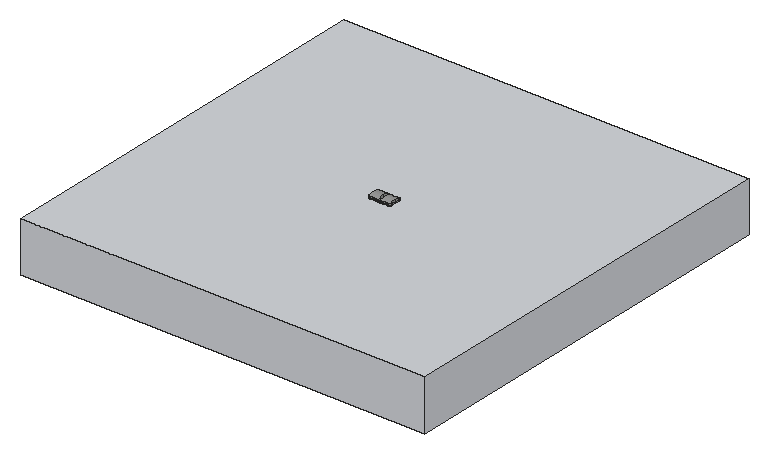
Revit family "L-one 5x2", category Осветительные приборы, Revit 2017
Family settings
  Основа = Грань
  Размер круглого соединителя = Использовать диаметр
  Тип детали = Нормальный
  При загрузке вырезать с полостями = Нет
  Источник света = Да
  Общий = Нет
  Точка расчета площади = Нет
Parameters (values of type "L-One-5x2-10-D-3.0K")
  Комментарии к типоразмеру = "Бытовые"
  Wattage Comments = ""
  Wattage = 4.71247 W
  built-in parameter 1150110 = 1 (stored number, unit not read)
  built-in parameter 1114217 = 1 (stored number, unit not read)
  Tilt Angle = 90.00°
  built-in parameter 1150109 = 1 (stored number, unit not read)
  built-in parameter 1150134 = (empty or 0)
  built-in parameter 1150113 = 1 (stored number, unit not read)
  Файл фотометрической сетки = "L-one 5x2-10-Д-3.0K-02.ies"
  built-in parameter 1150142 = "IESNA:LM-63-1995\r\n[TEST]LEDEL\r\n[DATA]28.10.2017\r\n[MANUFAC]LEDEL\r\n[LUMCAT]L-one 5x2/10/Д/3.0K/02 \r\n[LUMINAIRE]Для освещения офисных и жилых помещений, а также  декоративной подсветки\r\n[LAMPCAT]LED\r\n[LAMP]SEOUL \r\nTILT=NONE\r\n\r\n1 700  2  37 1 1 2 0.138 0.087 0.0225\r\n\r\n1 1 10\r\n\r\n 0 2.5 5 7.5 10 12.5 15 17.5 20 22.5 25 27.5 30 32.5 35 37.5 40 42.5 45 47.5\r\n 50 52.5 55 57.5 60 62.5 65 67.5 70 72.5 75 77.5 80 82.5 85 87.5 90\r\n\r\n  0\r\n  \r\n  183.5206\t183.5206\t182.2097\t179.5880\t175.6554\t173.0337\t169.1011\t162.5468\t155.9925\t148.1273\t141.5730\t132.3970\t123.2210\t112.7341\t103.5581\t93.0712\t83.8951\t74.7191\t66.8539\t60.2996\t53.7453\t48.5019\t44.5693\t39.3258\t35.3933\t31.4607\t27.5281\t26.2172\t23.5955\t22.2846\t20.9738\t18.3521\t17.0412\t14.4195\t13.1086\t11.7978\t11.7978"
  built-in parameter 1150105 = 55.704 (stored number, unit not read)
  Lumens = 700 lm
  built-in parameter 1150115 = 1 (stored number, unit not read)
  built-in parameter 1150137 = (empty or 0)
  built-in parameter 1150139 = (empty or 0)
  built-in parameter 1150112 = 1 (stored number, unit not read)
  built-in parameter 1150114 = 1 (stored number, unit not read)
  built-in parameter 1150132 = 2
  built-in parameter 1150102 = (empty or 0)
  built-in parameter 1150107 = 3000 (stored number, unit not read)
  built-in parameter 1150138 = (empty or 0)
  built-in parameter 1150106 = 0.55704 (stored number, unit not read)
  Emit from Rectangle Width = 138 mm  # constant formula
  Emit from Rectangle Length = 78.5 mm  # constant formula
  Изготовитель = "LEDEL"
  Emit Shape Visible in Rendering = no
  built-in parameter 1150104 = 13.8 (stored number, unit not read)
  Dimming Lamp Color Temperature Shift = (empty or 0)
  Default Elevation = 1219.2 mm
  Color Filter = 16777215
  built-in parameter 1114218 = 1 (stored number, unit not read)
  built-in parameter 1150133 = 10 (stored number, unit not read)
  Apparent Load = 10 VA  # constant formula
  Артикул = "501001"
Types (3, lengths in mm): name | built-in parameter 1150134 | Файл фотометрической сетки | built-in parameter 1150142 | built-in parameter 1150107 | Артикул
  (no name) | (empty or 0) | "L-one 5x2-10-Д-3.0K-02.ies" | "IESNA:LM-63-1995\r\n[TEST]LEDEL\r\n[DATA]28.10.2017\r\n[MANUFAC]LEDEL\r\n[LUMCAT]L-one 5x2/10/Д/3.0K/02 \r\n[LUMINAIRE]Для освещения офисных и жилых помещений, а также  декоративной подсветки\r\n[LAMPCAT]LED\r\n[LAMP]SEOUL \r\nTILT=NONE\r\n\r\n1 700  2  37 1 1 2 0.138 0.087 0.0225\r\n\r\n1 1 10\r\n\r\n 0 2.5 5 7.5 10 12.5 15 17.5 20 22.5 25 27.5 30 32.5 35 37.5 40 42.5 45 47.5\r\n 50 52.5 55 57.5 60 62.5 65 67.5 70 72.5 75 77.5 80 82.5 85 87.5 90\r\n\r\n  0\r\n  \r\n  183.5206\t183.5206\t182.2097\t179.5880\t175.6554\t173.0337\t169.1011\t162.5468\t155.9925\t148.1273\t141.5730\t132.3970\t123.2210\t112.7341\t103.5581\t93.0712\t83.8951\t74.7191\t66.8539\t60.2996\t53.7453\t48.5019\t44.5693\t39.3258\t35.3933\t31.4607\t27.5281\t26.2172\t23.5955\t22.2846\t20.9738\t18.3521\t17.0412\t14.4195\t13.1086\t11.7978\t11.7978" | 3000 (stored number, unit not read) | "501001"
  L-One-5x2-10-D-5.0K | 2 | "L-one 5x2-10-Д-5.0K-02.ies" | "IESNA:LM-63-1995\r\n[TEST]LEDEL\r\n[DATA]28.10.2017\r\n[MANUFAC]LEDEL\r\n[LUMCAT]L-one 5x2/10/Д/5.0K/02 \r\n[LUMINAIRE]Для освещения офисных и жилых помещений, а также  декоративной подсветки\r\n[LAMPCAT]LED\r\n[LAMP]SEOUL \r\nTILT=NONE\r\n\r\n1 700  2  37 1 1 2 0.138 0.087 0.0225\r\n\r\n1 1 10\r\n\r\n 0 2.5 5 7.5 10 12.5 15 17.5 20 22.5 25 27.5 30 32.5 35 37.5 40 42.5 45 47.5\r\n 50 52.5 55 57.5 60 62.5 65 67.5 70 72.5 75 77.5 80 82.5 85 87.5 90\r\n\r\n  0\r\n  \r\n  183.5206\t183.5206\t182.2097\t179.5880\t175.6554\t173.0337\t169.1011\t162.5468\t155.9925\t148.1273\t141.5730\t132.3970\t123.2210\t112.7341\t103.5581\t93.0712\t83.8951\t74.7191\t66.8539\t60.2996\t53.7453\t48.5019\t44.5693\t39.3258\t35.3933\t31.4607\t27.5281\t26.2172\t23.5955\t22.2846\t20.9738\t18.3521\t17.0412\t14.4195\t13.1086\t11.7978\t11.7978" | 5000 (stored number, unit not read) | "501003"
  L-One-5x2-10-D-3.0K | (empty or 0) | "L-one 5x2-10-Д-3.0K-02.ies" | "IESNA:LM-63-1995\r\n[TEST]LEDEL\r\n[DATA]28.10.2017\r\n[MANUFAC]LEDEL\r\n[LUMCAT]L-one 5x2/10/Д/3.0K/02 \r\n[LUMINAIRE]Для освещения офисных и жилых помещений, а также  декоративной подсветки\r\n[LAMPCAT]LED\r\n[LAMP]SEOUL \r\nTILT=NONE\r\n\r\n1 700  2  37 1 1 2 0.138 0.087 0.0225\r\n\r\n1 1 10\r\n\r\n 0 2.5 5 7.5 10 12.5 15 17.5 20 22.5 25 27.5 30 32.5 35 37.5 40 42.5 45 47.5\r\n 50 52.5 55 57.5 60 62.5 65 67.5 70 72.5 75 77.5 80 82.5 85 87.5 90\r\n\r\n  0\r\n  \r\n  183.5206\t183.5206\t182.2097\t179.5880\t175.6554\t173.0337\t169.1011\t162.5468\t155.9925\t148.1273\t141.5730\t132.3970\t123.2210\t112.7341\t103.5581\t93.0712\t83.8951\t74.7191\t66.8539\t60.2996\t53.7453\t48.5019\t44.5693\t39.3258\t35.3933\t31.4607\t27.5281\t26.2172\t23.5955\t22.2846\t20.9738\t18.3521\t17.0412\t14.4195\t13.1086\t11.7978\t11.7978" | 3000 (stored number, unit not read) | "501001"
Reference planes
  plane 1 "Center (Front/Back)": y = 0
  plane 2: z = 0
  plane 3 "Center (Left/Right)": x = 0
Forms (mm)
  Extrusion 1, solid
    sketch origin (0, 0, 0) x (1, 0, 0) y (0, 1, 0)
      loop
        line (-1219.2, 1219.2) -> (-1219.2, -1219.2) -> (1219.2, -1219.2) -> (1219.2, 1219.2) -> (-1219.2, 1219.2)
    from 0 to -304.8
  Extrusion 2, solid, material "Поликарбонат, прозрачный"
    sketch origin (-34.486, 0, 0) x (0, -1, 0) y (1, 0, 0)
      loop
        arc (-39.2, 22.514) -> (-39.12, 21.295) -> (-38.883, 20.097) r 9.357
        arc (-38.883, 20.097) -> (-36.724, 10.151) -> (-36, 0) r 71.5
        arc (-36, 0) -> (-36.724, -10.151) -> (-38.883, -20.097) r 71.5
        arc (-38.883, -20.097) -> (-39.12, -21.295) -> (-39.2, -22.514) r 9.357
        arc (-39.2, -22.514) -> (-36.505, -29.019) -> (-30, -31.714) r 9.2
        arc (-30, -31.714) -> (-28.729, -31.603) -> (-27.497, -31.272) r 7.318
        arc (-27.497, -31.272) -> (-14.012, -27.229) -> (0, -25.864) r 72.6
        arc (0, -25.864) -> (14.012, -27.229) -> (27.497, -31.272) r 72.6
        arc (27.497, -31.272) -> (28.729, -31.603) -> (30, -31.714) r 7.318
        arc (30, -31.714) -> (36.505, -29.019) -> (39.2, -22.514) r 9.2
        arc (39.2, -22.514) -> (39.12, -21.295) -> (38.883, -20.097) r 9.357
        arc (38.883, -20.097) -> (36.724, -10.151) -> (36, 0) r 71.5
        arc (36, 0) -> (36.724, 10.151) -> (38.883, 20.097) r 71.5
        arc (38.883, 20.097) -> (39.12, 21.295) -> (39.2, 22.514) r 9.357
        arc (39.2, 22.514) -> (36.505, 29.019) -> (30, 31.714) r 9.2
        arc (30, 31.714) -> (28.729, 31.603) -> (27.497, 31.272) r 7.318
        arc (27.497, 31.272) -> (14.012, 27.229) -> (0, 25.864) r 72.6
        arc (0, 25.864) -> (-14.012, 27.229) -> (-27.497, 31.272) r 72.6
        arc (-27.497, 31.272) -> (-28.729, 31.603) -> (-30, 31.714) r 7.318
        arc (-30, 31.714) -> (-36.505, 29.019) -> (-39.2, 22.514) r 9.2
    from 0 to 21
  Extrusion 3, solid, material "Поликарбонат, прозрачный"
    sketch origin (34.613, 0, 0) x (1, 0, 0) y (0, -1, 0)
      loop
        arc (-91.613, 42) -> (-100.099, 38.485) -> (-103.613, 30) r 12
        arc (-103.613, 30) -> (-103.454, 28.213) -> (-102.982, 26.483) r 10.118
        arc (-102.982, 26.483) -> (-99.081, 13.496) -> (-97.763, 0) r 69.8
        arc (-97.763, 0) -> (-99.081, -13.496) -> (-102.982, -26.483) r 69.8
        arc (-102.982, -26.483) -> (-103.454, -28.213) -> (-103.613, -30) r 10.118
        arc (-103.613, -30) -> (-100.099, -38.485) -> (-91.613, -42) r 12
        arc (-91.613, -42) -> (-90.012, -41.894) -> (-88.439, -41.578) r 12.157
        arc (-88.439, -41.578) -> (-78.869, -39.498) -> (-69.1, -38.8) r 68.7
        arc (-69.1, -38.8) -> (-59.804, -39.432) -> (-50.679, -41.316) r 68.7
        arc (-50.679, -41.316) -> (-50.261, -41.429) -> (-49.842, -41.535) r 29.177
        arc (-49.842, -41.535) -> (-42.291, -43.007) -> (-34.613, -43.5) r 60
        arc (-34.613, -43.5) -> (-26.936, -43.007) -> (-19.385, -41.535) r 60
        arc (-19.385, -41.535) -> (-18.965, -41.429) -> (-18.548, -41.316) r 29.177
        arc (-18.548, -41.316) -> (-9.423, -39.432) -> (-0.127, -38.8) r 68.7
        arc (-0.127, -38.8) -> (9.642, -39.498) -> (19.212, -41.578) r 68.7
        arc (19.212, -41.578) -> (20.786, -41.894) -> (22.387, -42) r 12.157
        arc (22.387, -42) -> (30.872, -38.485) -> (34.387, -30) r 12
        arc (34.387, -30) -> (34.228, -28.213) -> (33.756, -26.483) r 10.118
        arc (33.756, -26.483) -> (29.854, -13.496) -> (28.537, 0) r 69.8
        arc (28.537, 0) -> (29.854, 13.496) -> (33.756, 26.483) r 69.8
        arc (33.756, 26.483) -> (34.228, 28.213) -> (34.387, 30) r 10.118
        arc (34.387, 30) -> (30.872, 38.485) -> (22.387, 42) r 12
        arc (22.387, 42) -> (20.786, 41.894) -> (19.212, 41.578) r 12.157
        arc (19.212, 41.578) -> (9.642, 39.498) -> (-0.127, 38.8) r 68.7
        arc (-0.127, 38.8) -> (-9.423, 39.432) -> (-18.548, 41.316) r 68.7
        arc (-18.548, 41.316) -> (-18.965, 41.429) -> (-19.385, 41.535) r 29.177
        arc (-19.385, 41.535) -> (-26.936, 43.007) -> (-34.613, 43.5) r 60
        arc (-34.613, 43.5) -> (-42.291, 43.007) -> (-49.842, 41.535) r 60
        arc (-49.842, 41.535) -> (-50.261, 41.429) -> (-50.679, 41.316) r 29.177
        arc (-50.679, 41.316) -> (-59.804, 39.432) -> (-69.1, 38.8) r 68.7
        arc (-69.1, 38.8) -> (-78.869, 39.498) -> (-88.439, 41.578) r 68.7
        arc (-88.439, 41.578) -> (-90.012, 41.894) -> (-91.613, 42) r 12.157
    from -43.963 to -42
  Extrusion 4, solid, material "Поликарбонат, прозрачный"
    sketch origin (34.613, 0, 0) x (0, -1, 0) y (1, 0, 0)
      loop
        arc (-39.2, 22.514) -> (-39.12, 21.295) -> (-38.883, 20.097) r 9.357
        arc (-38.883, 20.097) -> (-36.724, 10.151) -> (-36, 0) r 71.5
        arc (-36, 0) -> (-36.724, -10.151) -> (-38.883, -20.097) r 71.5
        arc (-38.883, -20.097) -> (-39.12, -21.295) -> (-39.2, -22.514) r 9.357
        arc (-39.2, -22.514) -> (-36.505, -29.019) -> (-30, -31.714) r 9.2
        arc (-30, -31.714) -> (-28.729, -31.603) -> (-27.497, -31.272) r 7.318
        arc (-27.497, -31.272) -> (-14.012, -27.229) -> (0, -25.864) r 72.6
        arc (0, -25.864) -> (14.012, -27.229) -> (27.497, -31.272) r 72.6
        arc (27.497, -31.272) -> (28.729, -31.603) -> (30, -31.714) r 7.318
        arc (30, -31.714) -> (36.505, -29.019) -> (39.2, -22.514) r 9.2
        arc (39.2, -22.514) -> (39.12, -21.295) -> (38.883, -20.097) r 9.357
        arc (38.883, -20.097) -> (36.724, -10.151) -> (36, 0) r 71.5
        arc (36, 0) -> (36.724, 10.151) -> (38.883, 20.097) r 71.5
        arc (38.883, 20.097) -> (39.12, 21.295) -> (39.2, 22.514) r 9.357
        arc (39.2, 22.514) -> (36.505, 29.019) -> (30, 31.714) r 9.2
        arc (30, 31.714) -> (28.729, 31.603) -> (27.497, 31.272) r 7.318
        arc (27.497, 31.272) -> (14.012, 27.229) -> (0, 25.864) r 72.6
        arc (0, 25.864) -> (-14.012, 27.229) -> (-27.497, 31.272) r 72.6
        arc (-27.497, 31.272) -> (-28.729, 31.603) -> (-30, 31.714) r 7.318
        arc (-30, 31.714) -> (-36.505, 29.019) -> (-39.2, 22.514) r 9.2
    from 0 to 21
  Extrusion 5, void
    sketch origin (0, 0, 16.77) x (0, -1, 0) y (0, 0, -1)
      loop
        line (-41.007, 11.309) -> (-41.007, -4.23) -> (40.09, -4.23) -> (40.09, 10.77)
        arc (40.09, 10.77) -> (-0.532, 0.002) -> (-41.007, 11.309) r 80
    from -100 to 100
Cuts and joins
  Extrusion 5 cuts Extrusion 2
  Extrusion 5 cuts Extrusion 4
Dimensions and locks
  aligned and locked: plane 2 to Extrusion 1
  aligned and locked: level to Extrusion 1
Connectors
  electrical at (0, 0, 0), driven by "Apparent Load"
    settings: on Extrusion 1, index 1, voltage 230 V, apparent load 0 VA, apparent load phase1 10 VA, apparent load phase2 0 VA, apparent load phase3 0 VA, power factor 1, load classification "Освещение", number of poles 1, system type 31, power factor state 1, is connector primary yes, connector utility no, sub classification motor no, connector description ""
